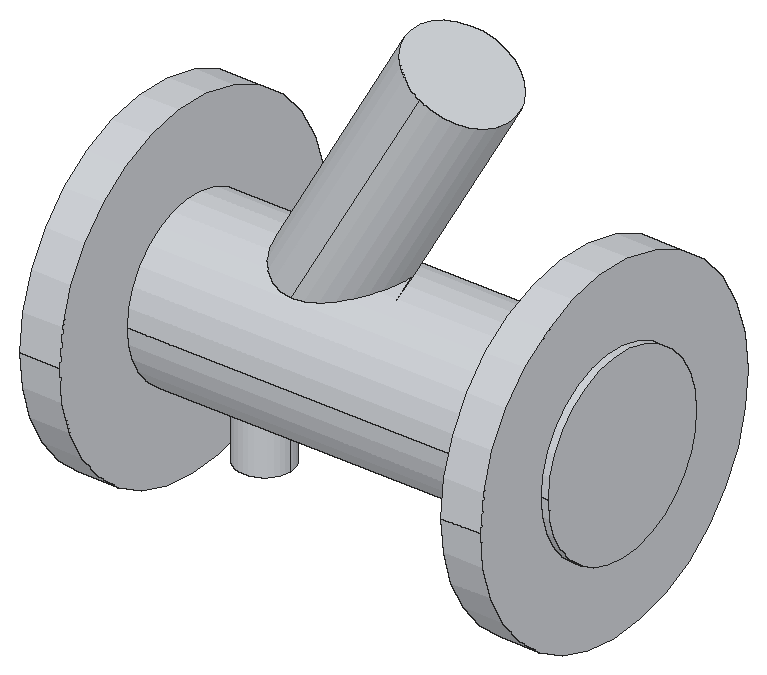
Revit family "HS 821-síto_jemné-PN40-DN020-RFA_2019", category Pipe Accessories, Revit 2019
Family settings
  Round Connector Dimension = Use Diameter
  Part Type = Breaks Into
  Work Plane-Based = No
  Always vertical = Yes
  Cut with Voids When Loaded = No
  Shared = No
Parameters (values of type "821F-DN020-PN40-síto_jemné")
  magiProductId = "aaac5f1ec96b44d6ba96ac2293d66d"
  magiProductFamilyId = "79214ac3aaa945e397802f559f5c1e"
  magiPartTypeId = 307
  isMeasuringValve [instance] = no
  ang2D [instance] = 0.00°
  ZB__ve = -ZB  # -17.75 mm
  ZB1 = 23.49 mm
  ZB = 17.75 mm
  X2 = 51.673 mm
  X1 = 21 mm
  W2D = 15 mm
  VersionID = "2.0/2017.9.26.1/ZETKAMA_821_001"
  Use Minimum Symbol Size [instance] = yes
  URL = "www.hydronic.cz"
  Type Comments = "Filtr přírubový; síto jemné; A-PN16 (-10~300°C); D-PN25 (-10~350°C); F-PN40 (-10~400°C)"
  S = 58 mm
  QmdConnectorList = "301;D;302;D"
  Productdata [instance] = ""
  Manufacturer = "Hydronic Systems Prague s.r.o."
  MC Product Code = "250 620 (821F; DN020; PN40; kvs9,6; oko síta 0,63mm)"
  LM1 = 12 mm
  LM = 120 mm
  L4 = 37.5 mm
  L2D_Min = 3048 mm
  L2D = 130 mm
  L2 = 75 mm
  HH2 = 89.5 mm
  FD = 105 mm
  Description = "Filtr přírubový; síto jemné; 821A-PN16; 821D-PN25; 821F-PN40"
  DM1 = 33.6 mm
  DM = 52.2 mm
  D = 20 mm
  CC = 2.55 mm
  CAT0 = yes
  C1 = 12.45 mm
  C = 15 mm
  BD = 16.443 mm
Types (40, lengths in mm): name | magiProductId | ZB__ve | ZB1 | ZB | X2 | X1 | S | MC Product Code | LM1 | LM | L4 | L2 | HH2 | FD | DM1 | DM | D | CC | C1 | C | BD
  821A-DN015-PN16-síto_jemné | "a71bcfe8b393460598b23e8ddf7dc5" | -16.25 | 18.63 | 16.25 | 46.982 | 18.2 | 46 | "210 115 (821A; DN015; PN16; kvs6,2; oko síta 0,63mm)" | 10.4 | 104 | 32.5 | 65 | 81.375 | 95 | 27.6 | 41.4 | 15 | 2.21 | 10.79 | 13 | 13.041
  821A-DN020-PN16-síto_jemné | "41cd6c7a12924f4991217528336076" | -17.75 | 22.68 | 17.75 | 51.673 | 21 | 56 | "210 120 (821A; DN020; PN16; kvs9,6; oko síta 0,63mm)" | 12 | 120 | 37.5 | 75 | 89.5 | 105 | 33.6 | 50.4 | 20 | 2.55 | 12.45 | 15 | 15.876
  821A-DN025-PN16-síto_jemné | "be378b463ed14c3abf4c9b3ae8cf3a" | -19.25 | 26.325 | 19.25 | 58.601 | 22.4 | 65 | "210 125 (821A; DN025; PN16; kvs14,2; oko síta 0,63mm)" | 12.8 | 128 | 40 | 80 | 101.5 | 115 | 43.2 | 58.5 | 25 | 2.72 | 13.28 | 16 | 18.427
  821A-DN032-PN16-síto_jemné | "227a0d18b21540afabe8b6067d35fa" | -23 | 30.78 | 23 | 68.849 | 25.2 | 76 | "210 132 (821A; DN032; PN16; kvs23,1; oko síta 0,63mm)" | 14.4 | 144 | 45 | 90 | 119.25 | 140 | 50.4 | 68.4 | 32 | 3.06 | 14.94 | 18 | 21.546
  821A-DN040-PN16-síto_jemné | "d106917c74724141a10440112d0102" | -24.5 | 34.02 | 24.5 | 75.777 | 28 | 84 | "210 140 (821A; DN040; PN16; kvs36,6; oko síta 0,63mm)" | 16 | 160 | 50 | 100 | 131.25 | 150 | 60 | 75.6 | 40 | 3.4 | 16.6 | 20 | 23.814
  821A-DN050-PN16-síto_jemné | "8255d456a09e4f6486734f5dd9171b" | -26.75 | 40.095 | 26.75 | 79.061 | 32.2 | 99 | "210 150 (821A; DN050 PN16; kvs53,7; oko síta 0,63mm)" | 18.4 | 184 | 57.5 | 115 | 136.938 | 165 | 73.8 | 89.1 | 50 | 3.91 | 19.09 | 23 | 28.066
  821A-DN065-PN16-síto_jemné | "235b1b3e4c0843779a4d5e3716d40a" | -29.75 | 47.79 | 29.75 | 86.927 | 40.6 | 118 | "210 165 (821A; DN065; PN16; kvs95,1; oko síta 0,63mm)" | 23.2 | 232 | 72.5 | 145 | 150.562 | 185 | 94.2 | 106.2 | 65 | 4.93 | 24.07 | 29 | 33.453
  821A-DN080-PN16-síto_jemné | "a067f7c5236348ed8c820d16df7214" | -32 | 53.46 | 32 | 104.753 | 43.4 | 132 | "210 180 (821A; DN080; PN16; kvs137,1; oko síta 0,63mm)" | 24.8 | 248 | 77.5 | 155 | 181.438 | 200 | 107.4 | 118.8 | 80 | 5.27 | 25.73 | 31 | 37.422
  821A-DN100-PN16-síto_jemné | "c49a648c2747461285837d643703cd" | -35 | 63.18 | 35 | 114.857 | 49 | 156 | "210 190 (821A; DN100; PN16; kvs206,4; oko síta 0,63mm)" | 28 | 280 | 87.5 | 175 | 198.937 | 220 | 131.4 | 140.4 | 100 | 5.95 | 29.05 | 35 | 44.226
  821A-DN125-PN16-síto_jemné | "bf68e728a163493cbd2a663b26ebdc" | -39.5 | 74.52 | 39.5 | 131.888 | 56 | 184 | "210 191 (821A; DN125; PN16; kvs268,8; oko síta 0,63mm)" | 32 | 320 | 100 | 200 | 228.438 | 250 | 165 | 165.6 | 125 | 6.8 | 33.2 | 40 | 52.164
  821A-DN150-PN16-síto_jemné | "2de770284b654863ae6bc865769dc5" | -44.75 | 85.455 | 44.75 | 155.885 | 67.2 | 211 | "210 192 (821A; DN150; PN16; kvs401,4; oko síta 0,63mm)" | 38.4 | 384 | 120 | 240 | 270 | 285 | 192 | 189.9 | 150 | 8.16 | 39.84 | 48 | 59.818
  821A-DN200-PN16-síto_jemné | "8e5693371ab64aabb29a7f08c76e15" | -53 | 107.73 | 53 | 188.361 | 84 | 266 | "210 193 (821A; DN200; PN16; kvs706,7; oko síta 0,63mm)" | 48 | 480 | 150 | 300 | 326.25 | 340 | 252 | 239.4 | 200 | 10.2 | 49.8 | 60 | 75.411
  821A-DN250-PN16-síto_jemné | "05e37ed948c34047acdd4c42556504" | -62.75 | 129.195 | 62.75 | 255.911 | 102.2 | 319 | "210 194 (821A; DN250; PN16; kvs1229,4; oko síta 0,63mm)" | 58.4 | 584 | 182.5 | 365 | 443.25 | 405 | 309.6 | 287.1 | 250 | 12.41 | 60.59 | 73 | 90.436
  821A-DN300-PN16-síto_jemné | "9ad0af747269428da925480d83ce80" | -71 | 149.85 | 71 | 325.914 | 119 | 370 | "210 195 (821A; DN300; PN16; kvs1902,4; oko síta 0,63mm)" | 68 | 680 | 212.5 | 425 | 564.5 | 460 | 369.6 | 333 | 300 | 14.45 | 70.55 | 85 | 104.895
  821A-DN350-PN16-síto_jemné | "eebc71459bb3451bb4355e7951370a" | -80 | 173.745 | 80 | 356.875 | 137.2 | 429 | "200 196 (821A; DN350; PN16; kvs2611,0; oko síta 0,63mm)" | 78.4 | 784 | 245 | 490 | 618.125 | 520 | 438 | 386.1 | 350 | 16.66 | 81.34 | 98 | 121.621
  821A-DN400-PN16-síto_jemné | "d2f677cb196647e385b2590e7d8abe" | -89 | 194.4 | 89 | 392.237 | 154 | 480 | "210 197 (821A; DN400; PN16; kvs3438,4; oko síta 0,63mm)" | 88 | 880 | 275 | 550 | 679.375 | 580 | 498 | 432 | 400 | 18.7 | 91.3 | 110 | 136.08
  821D-DN015-PN25-síto_jemné | "27ddcbf555414f8ca1fde329bf9087" | -16.25 | 18.63 | 16.25 | 46.982 | 18.2 | 46 | "210 215 (821D; DN015; PN25; kvs6,2; oko síta 0,63mm)" | 10.4 | 104 | 32.5 | 65 | 81.375 | 95 | 27.6 | 41.4 | 15 | 2.21 | 10.79 | 13 | 13.041
  821D-DN020-PN25-síto_jemné | "270e0f14012f47189cd0235c18faee" | -17.75 | 22.68 | 17.75 | 51.673 | 21 | 56 | "210 220 (821D; DN020; PN25; kvs9,6; oko síta 0,63mm)" | 12 | 120 | 37.5 | 75 | 89.5 | 105 | 33.6 | 50.4 | 20 | 2.55 | 12.45 | 15 | 15.876
  821D-DN025-PN25-síto_jemné | "b9a7fb4aa36643878c637d8e1ab992" | -19.25 | 26.325 | 19.25 | 58.601 | 22.4 | 65 | "210 225 (821D; DN025; PN25; kvs14,2; oko síta 0,63mm)" | 12.8 | 128 | 40 | 80 | 101.5 | 115 | 43.2 | 58.5 | 25 | 2.72 | 13.28 | 16 | 18.427
  821D-DN032-PN25-síto_jemné | "6be9a55c4e68400f94eec7e804204c" | -23 | 30.78 | 23 | 68.849 | 25.2 | 76 | "210 232 (821D; DN032; PN25; kvs23,1; oko síta 0,63mm)" | 14.4 | 144 | 45 | 90 | 119.25 | 140 | 50.4 | 68.4 | 32 | 3.06 | 14.94 | 18 | 21.546
  821D-DN040-PN25-síto_jemné | "c54511bd7f584ec2984291479612cb" | -24.5 | 34.02 | 24.5 | 75.777 | 28 | 84 | "210 240 (821D; DN040; PN25; kvs36,6; oko síta 0,63mm)" | 16 | 160 | 50 | 100 | 131.25 | 150 | 60 | 75.6 | 40 | 3.4 | 16.6 | 20 | 23.814
  821D-DN050-PN25-síto_jemné | "5483b1f596b04cd39b23a14a22c90e" | -26.75 | 40.095 | 26.75 | 79.061 | 32.2 | 99 | "210 250 (821D; DN050; PN25; kvs53,7; oko síta 0,63mm)" | 18.4 | 184 | 57.5 | 115 | 136.938 | 165 | 73.8 | 89.1 | 50 | 3.91 | 19.09 | 23 | 28.066
  821D-DN065-PN25-síto_jemné | "767b0f8318e94750bc7a9930ed5b30" | -29.75 | 47.79 | 29.75 | 86.927 | 40.6 | 118 | "210 265 (821D; DN065; PN25; kvs95,1; oko síta 0,63mm)" | 23.2 | 232 | 72.5 | 145 | 150.562 | 185 | 94.2 | 106.2 | 65 | 4.93 | 24.07 | 29 | 33.453
  821D-DN080-PN25-síto_jemné | "e21040fa3cc2404b858198f6b73709" | -32 | 53.46 | 32 | 104.753 | 43.4 | 132 | "210 280 (821D; DN080; PN25; kvs137,1; oko síta 0,63mm)" | 24.8 | 248 | 77.5 | 155 | 181.438 | 200 | 107.4 | 118.8 | 80 | 5.27 | 25.73 | 31 | 37.422
  821D-DN100-PN25-síto_jemné | "175ca87a506b40b3bc6b82f12f33cf" | -37.25 | 63.18 | 37.25 | 114.857 | 49 | 156 | "210 290 (821D; DN100; PN25; kvs206,4; oko síta 0,63mm)" | 28 | 280 | 87.5 | 175 | 198.937 | 235 | 131.4 | 140.4 | 100 | 5.95 | 29.05 | 35 | 44.226
  821D-DN125-PN25-síto_jemné | "77cc98d60da24855999a22dff726b2" | -42.5 | 74.52 | 42.5 | 131.888 | 56 | 184 | "210 291 (821D; DN125; PN25; kvs268,8; oko síta 0,63mm)" | 32 | 320 | 100 | 200 | 228.438 | 270 | 165 | 165.6 | 125 | 6.8 | 33.2 | 40 | 52.164
  821D-DN150-PN25-síto_jemné | "9cf8acfcd15547d68e83172d3abcbe" | -47 | 85.455 | 47 | 155.885 | 67.2 | 211 | "210 292 (821D; DN150; PN25; kvs401,4; oko síta 0,63mm)" | 38.4 | 384 | 120 | 240 | 270 | 300 | 192 | 189.9 | 150 | 8.16 | 39.84 | 48 | 59.818
  821D-DN200-PN25-síto_jemné | "16973f3c9ea14389ba8602495a6b64" | -56 | 110.97 | 56 | 188.361 | 84 | 274 | "210 293 (821D; DN200; PN25; kvs706,7; oko síta 0,63mm)" | 48 | 480 | 150 | 300 | 326.25 | 360 | 252 | 246.6 | 200 | 10.2 | 49.8 | 60 | 77.679
  821F-DN015-PN40-síto_jemné | "4c7eaf3c4c0340888b3e684d8a8616" | -16.25 | 18.225 | 16.25 | 46.982 | 18.2 | 45 | "250 615 (821F; DN015; PN40; kvs6,2; oko síta 0,63mm)" | 10.4 | 104 | 32.5 | 65 | 81.375 | 95 | 27.6 | 40.5 | 15 | 2.21 | 10.79 | 13 | 12.757
  821F-DN020-PN40-síto_jemné | "aaac5f1ec96b44d6ba96ac2293d66d" | -17.75 | 23.49 | 17.75 | 51.673 | 21 | 58 | "250 620 (821F; DN020; PN40; kvs9,6; oko síta 0,63mm)" | 12 | 120 | 37.5 | 75 | 89.5 | 105 | 33.6 | 52.2 | 20 | 2.55 | 12.45 | 15 | 16.443
  821F-DN025-PN40-síto_jemné | "504768023968471481789485b54c7e" | -19.25 | 27.54 | 19.25 | 58.601 | 22.4 | 68 | "250 625 (821F; DN025; PN40; kvs14,2; oko síta 0,63mm)" | 12.8 | 128 | 40 | 80 | 101.5 | 115 | 43.2 | 61.2 | 25 | 2.72 | 13.28 | 16 | 19.278
  821F-DN032-PN40-síto_jemné | "165e7f39cf744f329bdf1c400dad12" | -23 | 31.59 | 23 | 68.849 | 25.2 | 78 | "250 632 (821F; DN032; PN40; kvs23,1; oko síta 0,63mm)" | 14.4 | 144 | 45 | 90 | 119.25 | 140 | 50.4 | 70.2 | 32 | 3.06 | 14.94 | 18 | 22.113
  821F-DN040-PN40-síto_jemné | "b8903f952089408fbf3a5a632bab1f" | -24.5 | 35.64 | 24.5 | 75.777 | 28 | 88 | "250 640 (821F; DN040; PN40; kvs36,6; oko síta 0,63mm)" | 16 | 160 | 50 | 100 | 131.25 | 150 | 60 | 79.2 | 40 | 3.4 | 16.6 | 20 | 24.948
  821F-DN050-PN40-síto_jemné | "c451f97266fe48da8f879cb6a2bd44" | -26.75 | 41.31 | 26.75 | 79.061 | 32.2 | 102 | "250 650 (821F; DN050; PN40; kvs53,7; oko síta 0,63mm)" | 18.4 | 184 | 57.5 | 115 | 136.938 | 165 | 73.8 | 91.8 | 50 | 3.91 | 19.09 | 23 | 28.917
  821F-DN065-PN40-síto_jemné | "dc9821e3f9b34e128f6a8c6b34c198" | -29.75 | 49.41 | 29.75 | 86.927 | 40.6 | 122 | "250 665 (821F; DN065; PN40; kvs95,1; oko síta 0,63mm)" | 23.2 | 232 | 72.5 | 145 | 150.562 | 185 | 94.2 | 109.8 | 65 | 4.93 | 24.07 | 29 | 34.587
  821F-DN080-PN40-síto_jemné | "689aa1e260f84cf4994f027a1d86b5" | -32 | 55.89 | 32 | 104.753 | 43.4 | 138 | "250 680 (821F; DN080; PN40; kvs137,1; oko síta 0,63mm)" | 24.8 | 248 | 77.5 | 155 | 181.438 | 200 | 107.4 | 124.2 | 80 | 5.27 | 25.73 | 31 | 39.123
  821F-DN100-PN40-síto_jemné | "8a45d4e8e2ab425f8c432f21d684f3" | -37.25 | 65.61 | 37.25 | 114.857 | 49 | 162 | "250 690 (821F; DN100; PN40; kvs206,4; oko síta 0,63mm)" | 28 | 280 | 87.5 | 175 | 198.937 | 235 | 131.4 | 145.8 | 100 | 5.95 | 29.05 | 35 | 45.927
  821F-DN125-PN40-síto_jemné | "cf073904c006406b8645afa67ea2fc" | -42.5 | 76.14 | 42.5 | 131.888 | 56 | 188 | "250 691 (821F; DN125; PN40; kvs268,8; oko síta 0,63mm)" | 32 | 320 | 100 | 200 | 228.438 | 270 | 165 | 169.2 | 125 | 6.8 | 33.2 | 40 | 53.298
  821F-DN150-PN40-síto_jemné | "0153b9ddabe14992a630484929fdbc" | -47 | 88.29 | 47 | 155.885 | 67.2 | 218 | "250 692 (821F; DN150; PN40; kvs401,4; oko síta 0,63mm)" | 38.4 | 384 | 120 | 240 | 270 | 300 | 192 | 196.2 | 150 | 8.16 | 39.84 | 48 | 61.803
  821F-DN200-PN40-síto_jemné | "7fb3fc01dd8d42428c203e3f8dd4d5" | -56 | 115.425 | 56 | 188.361 | 84 | 285 | "250 693 (821F; DN200; PN40; kvs706,7; oko síta 0,63mm)" | 48 | 480 | 150 | 300 | 326.25 | 360 | 252 | 256.5 | 200 | 10.2 | 49.8 | 60 | 80.797
Reference planes
  plane 1 "Center (Front/Back)": y = 0
  plane 2 "XYPLANE": z = 0
  plane 3 "Center (Left/Right)": x = 0
  plane 4 "109": x = -48
  plane 5 "108": x = 60
  plane 6 "107": x = -60
  plane 7 "105": x = 75
  plane 8 "104": x = -75
  plane 9 "103": y = 0
  plane 10 "102": z = 0
  plane 11 "101": x = -72.45
  plane 12 "100": x = 72.45
  plane 13 "11": x = -27
  plane 14 "10": z = 89.5
  plane 15 "9": x = 24.673
  plane 16 "5": z = -23.49
  plane 17 "4": x = -37.5
  plane 18 "1": x = 37.5
Forms (mm)
  Extrusion 1, solid, visible <- "CAT0"
    sketch origin (-60, -750, 0) x (0, 1, 0) y (0, 0, 1)
      loop
        circle (750, 0) r 26.1
    from 0 to 120 <- "LM"
  Extrusion 2, solid
    sketch origin (-75, -750, 0) x (0, 1, 0) y (0, 0, 1)
      loop
        circle (750, 0) r 29
    from 0 to 2.55 <- "CC"
  Extrusion 3, solid
    sketch origin (-72.45, -750, 0) x (0, 1, 0) y (0, 0, 1)
      loop
        circle (750, 0) r 52.5
    from 0 to 12.45 <- "C1"
  Extrusion 4, solid
    sketch origin (60, -750, 0) x (0, 1, 0) y (0, 0, 1)
      loop
        circle (750, 0) r 52.5
    from 0 to 12.45 <- "C1"
  Extrusion 5, solid
    sketch origin (72.45, -750, 0) x (0, 1, 0) y (0, 0, 1)
      loop
        circle (750, 0) r 29
    from 0 to 2.55 <- "CC"
  Sweep 6, solid, visible <- "CAT0"
    path origin (750, 0, 0) x (-1, 0, 0) y (0, 0, 1)
      loop
        line (810, 0) -> (777, 0) -> (725.327, 89.5)
    profile origin (-60, 0, 0) x (0, 0, -1) y (0, 1, 0)
      loop
        circle (0, 0) r 16.8
  Extrusion 7, solid, visible <- "CAT0"
    sketch origin (-750, 0, -23.49) x (1, 0, 0) y (0, 1, 0)
      loop
        circle (712.5, 0) r 8.221
    from 0 to -17.75 <- "ZB__ve"
  Extrusion 8, solid, visible <- "CAT0"
    sketch origin (-750, 0, -23.49) x (1, 0, 0) y (0, 1, 0)
      loop
        circle (787.5, 0) r 8.221
    from 0 to -17.75 <- "ZB__ve"
  Extrusion 9, solid, not visible
    sketch origin (75, -750, 0) x (0, 1, 0) y (0, 0, 1)
      loop
        circle (750, 0) r 10
    from 0 to -10
  Extrusion 10, solid, not visible
    sketch origin (-75, -750, 0) x (0, 1, 0) y (0, 0, 1)
      loop
        circle (750, 0) r 10
    from 0 to 10
Lines and regions (mm)
  reference lines, not visible
    curve 1: circle (2, 2, 0) r 1 normal (0, 0, 1)
Dimensions and locks
  plane 1 "Center (Front/Back)" to curve 1 = 2 mm
  "LM1": plane 6 "107" to plane 4 "109"
  "LM": plane 6 "107" to plane 5 "108"
  "C": plane 8 "104" to plane 6 "107"
  "L2": plane 3 "Center (Left/Right)" to plane 7 "105"
  "L2": plane 3 "Center (Left/Right)" to plane 8 "104"
  locked: plane 1 "Center (Front/Back)" to plane 9 "103"
  locked: plane 2 "XYPLANE" to plane 10 "102"
  "CC": plane 8 "104" to plane 11 "101"
  "C1": plane 5 "108" to plane 12 "100"
  "X1": plane 4 "109" to plane 13 "11"
  "HH2": plane 2 "XYPLANE" to plane 14 "10"
  "X2": plane 13 "11" to plane 15 "9"
  "ZB1": plane 2 "XYPLANE" to plane 16 "5"
  "L4": plane 8 "104" to plane 17 "4"
  "L2": plane 17 "4" to plane 18 "1"
  Sweep 6 sketch curve to Sweep 6 sketch curve = 0 mm  (x2)
  "DM": diameter of Extrusion 1 sketch curve
  "S": diameter of Extrusion 2 sketch curve
  "FD": diameter of Extrusion 3 sketch curve
  "FD": diameter of Extrusion 4 sketch curve
  "S": diameter of Extrusion 5 sketch curve
  "DM1": diameter of Sweep 6 sketch curve
  "BD": diameter of Extrusion 7 sketch curve
  "BD": diameter of Extrusion 8 sketch curve
  aligned and locked: level to plane 2 "XYPLANE"
  aligned and locked: Extrusion 1 sketch curve to plane 9 "103"
  aligned and locked: plane 10 "102" to Extrusion 1 sketch curve
  aligned and locked: Extrusion 2 sketch curve to plane 9 "103"
  aligned and locked: plane 10 "102" to Extrusion 2 sketch curve
  aligned and locked: Extrusion 3 sketch curve to plane 9 "103"
  aligned and locked: plane 10 "102" to Extrusion 3 sketch curve
  aligned and locked: Extrusion 4 sketch curve to plane 9 "103"
  aligned and locked: plane 10 "102" to Extrusion 4 sketch curve
  aligned and locked: Extrusion 5 sketch curve to plane 9 "103"
  aligned and locked: plane 10 "102" to Extrusion 5 sketch curve
  aligned and locked: Sweep 6 sketch curve to plane 9 "103"
  aligned and locked: plane 10 "102" to Sweep 6 sketch curve  (x3)
  aligned and locked: plane 6 "107" to Sweep 6 sketch curve
  aligned and locked: plane 13 "11" to Sweep 6 sketch curve
  aligned and locked: plane 14 "10" to Sweep 6 sketch curve
  aligned and locked: plane 15 "9" to Sweep 6 sketch curve
  aligned and locked: plane 9 "103" to Extrusion 7 sketch curve
  aligned and locked: plane 17 "4" to Extrusion 7 sketch curve
  aligned and locked: plane 9 "103" to Extrusion 8 sketch curve
  aligned and locked: plane 18 "1" to Extrusion 8 sketch curve
  aligned and locked: Extrusion 9 sketch curve to plane 9 "103"
  aligned and locked: plane 10 "102" to Extrusion 9 sketch curve
  aligned and locked: Extrusion 10 sketch curve to plane 9 "103"
  aligned and locked: plane 10 "102" to Extrusion 10 sketch curve
Automatic sketch dimensions
  plane 1 "Center (Front/Back)" to Extrusion 9 sketch curve = 10 mm
  plane 1 "Center (Front/Back)" to Extrusion 10 sketch curve = 10 mm
  plane 3 "Center (Left/Right)" to curve 1 = 2 mm
  radius of curve 1 = 1 mm
Connectors
  piping at (-75, 0, 0), diameter 20, driven by "D"
    settings: on Extrusion 10, index 1, connector inside diameter 609.6 mm, connector length 0 mm, flow factor 0, pipe flow 0.0 L/s, pressure drop 0.0 Pa, fitting loss kfactor 0, connector angle 0.00°, fixture units 0, engagement length 0 mm, angle of deflection 0.00°, flow configuration 0, flow direction 0, fitting loss method 0, system type 29, joint type 0, gender type 0, connector reference index 2, connector utility 0, adjustable connector no, is connector primary yes, connector description ""
  piping at (75, 0, 0), diameter 20, driven by "D"
    settings: on Extrusion 9, index 2, connector inside diameter 609.6 mm, connector length 0 mm, flow factor 0, pipe flow 0.0 L/s, pressure drop 0.0 Pa, fitting loss kfactor 0, connector angle 0.00°, fixture units 0, engagement length 0 mm, angle of deflection 0.00°, flow configuration 0, flow direction 0, fitting loss method 0, system type 29, joint type 0, gender type 0, connector reference index 1, connector utility 0, adjustable connector no, is connector primary no, connector description ""
